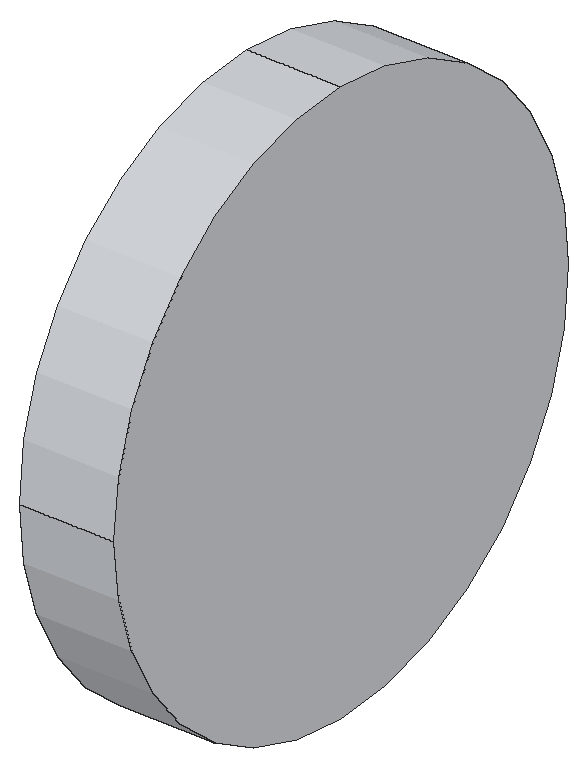
Revit family "Round-Duct-Endcap-w-KoolDuct-Insulation-System", category Duct Fittings, Revit 2026
Family settings
  Round Connector Dimension = Use Radius
  Part Type = Cap
  Classification Number = 23.75.70.14
  Work Plane-Based = No
  Always vertical = Yes
  Cut with Voids When Loaded = No
  Shared = No
Parameters (values of type "KoolDuct Duct")
  built-in parameter 1114242 [instance] = (empty or 0)
  URL = "http://www.trustgreenguard.com/hvac-ductwork/kingspan-koolduct-system/"
  Type Comments = ""
  Specification = "http://www.arcat.com/sdspecs/htm04/23_31_00ksp.htm"
  Sales Information = "http://www.trustgreenguard.com/contact/"
  Revision = "R1_2016-10"
  Radius [instance] = 6"
  Product Properties = "http://www.trustgreenguard.com/knowledge-base/ductwork/"
  Product Data = "http://www.arcat.com/arcatcos/cos49/arc49893.html"
  Model = "Round Duct Endcap w/ KoolDuct Insulation"
  Manufacturer Website = "http://www.trustgreenguard.com/hvac-ductwork/kingspan-koolduct-system/"
  Manufacturer Phone - Toll Free = "800-241-4402"
  Manufacturer Phone = "678-589-7300"
  Manufacturer Fax = "678-589-7325"
  Manufacturer Address = "2100 RiverEdge Pkwy. Suite 175; Atlanta; GA 30328"
  Manufacturer = "Kingspan Insulation LLC"
  Lining Thickness [instance] = 0"
  Lining Radius [instance] = Radius - Lining Thickness  # 6"
  Length = 1"
  Keynote = "23 07 19"
  Insulation Thickness = 1 1/2"
  Insulation Radius [instance] = Radius + Insulation Thickness  # 7 1/2"
  Installation-Fabrication = "http://www.trustgreenguard.com/knowledge-base/ductwork/"
  Drawn By = "Sumex Design / Robert S Weygant"
  Description = "Round Duct Endcap w/ KoolDuct Insulation System"
  Default Elevation = 0' - 0"
  Cost = 0
  Copyright = "� 2016 ARCAT Inc."
  Construction Details = "http://www.arcat.com/details/kinginsu/kinginsu.html?coid=49893"
  Assembly Code = "D3040100"
Reference planes (in)
  plane 1 "Center (Front/Back)": y = 0
  plane 2: z = 0
  plane 3 "Center (Left/Right)": x = 0
  plane 4: x = 1
  plane 5: x = 2.5
  plane 6: y = 6
  plane 7: y = -6
Forms (in)
  Sweep 1, solid, detail levels medium+fine
    path in 3D
      loop
        line (0, 0, 0) -> (1, 0, 0)
    profile "Duct - Round : Duct - Round" origin (0.5, 0, 0) x (0, 1, 0) y (0, 0, 1)
      loop
        arc (-6, 0) -> (-4.24264, -4.24264) -> (0, -6) r 6
        arc (0, -6) -> (4.24264, -4.24264) -> (6, 0) r 6
        arc (6, 0) -> (4.24264, 4.24264) -> (0, 6) r 6
        arc (0, 6) -> (-4.24264, 4.24264) -> (-6, 0) r 6
  Sweep 2, solid, detail levels medium+fine
    path in 3D
      loop
        line (0, 0, 0) -> (1, 0, 0)
    profile "Duct - Round : Duct - Lining" origin (0.5, 0, 0) x (0, 1, 0) y (0, 0, 1)
      loop
        arc (-6, 0) -> (-4.24264, -4.24264) -> (0, -6) r 6
        arc (0, -6) -> (4.24264, -4.24264) -> (6, 0) r 6
        arc (6, 0) -> (4.24264, 4.24264) -> (0, 6) r 6
        arc (0, 6) -> (-4.24264, 4.24264) -> (-6, 0) r 6
  Sweep 3, solid, detail levels medium+fine
    path in 3D
      loop
        line (0, 0, 0) -> (2.5, 0, 0)
    profile "Duct - Round : Duct - Insulation" origin (1.25, 0, 0) x (0, 1, 0) y (0, 0, 1)
      loop
        arc (-7.5, 0) -> (-5.3033, -5.3033) -> (0, -7.5) r 7.5
        arc (0, -7.5) -> (5.3033, -5.3033) -> (7.5, 0) r 7.5
        arc (7.5, 0) -> (5.3033, 5.3033) -> (0, 7.5) r 7.5
        arc (0, 7.5) -> (-5.3033, 5.3033) -> (-7.5, 0) r 7.5
Lines and regions (in)
  reference lines
    curve 1: line (0, 0, 0) -> (1, 0, 0)
    curve 2: line (0, 0, 0) -> (2.5, 0, 0)
  sketch lines
    curve 3: line (0, 0, 0) -> (1, 0, 0)
    curve 4: line (0, 0, 0) -> (1, 0, 0)
    curve 5: line (0, 0, 0) -> (2.5, 0, 0)
  model lines, style "DuctFitting", detail levels coarse
    curve 6: line (0, 6, 0) -> (-4, 6, 0)
    curve 7: line (0, 6, 0) -> (0, -6, 0)
    curve 8: line (0, -6, 0) -> (-4, -6, 0)
Dimensions and locks (in)
  "Length": plane 3 "Center (Left/Right)" to plane 4
  "Insulation Thickness": plane 4 to plane 5
  "Radius": plane 1 "Center (Front/Back)" to plane 6
  "Radius": plane 1 "Center (Front/Back)" to plane 7
  aligned and locked: plane 4 to curve 1
  aligned and locked: plane 3 "Center (Left/Right)" to curve 1
  aligned and locked: plane 3 "Center (Left/Right)" to curve 2
  aligned and locked: plane 6 to curve 6
  aligned and locked: curve 7 to plane 3 "Center (Left/Right)"
  aligned and locked: plane 7 to curve 8
  aligned and locked: plane 1 "Center (Front/Back)" to curve 1
Automatic sketch dimensions
  curve 2 to plane 5 = 0' - 0"
  curve 8 to curve 8 = 0' - 4"
  curve 6 to curve 6 = 0' - 4"
  curve 2 to plane 1 "Center (Front/Back)" = 0' - 0"
Connectors (in)
  hvac at (0, 0, 0), driven by "Radius"
    settings: on Sweep 1, index 1, duct flow 0 CFM, flow factor 0, pres drop 0.00 in-wg, loss coef 0, conn angle 0.00°, conn width 12", conn height 12", conn diameter 12", duct sys type 28, conn prof type 0, flow config 0, flow direction 0, loss method 0, conn ref index -1, conn util no, is conn primary yes, conn desc ""
